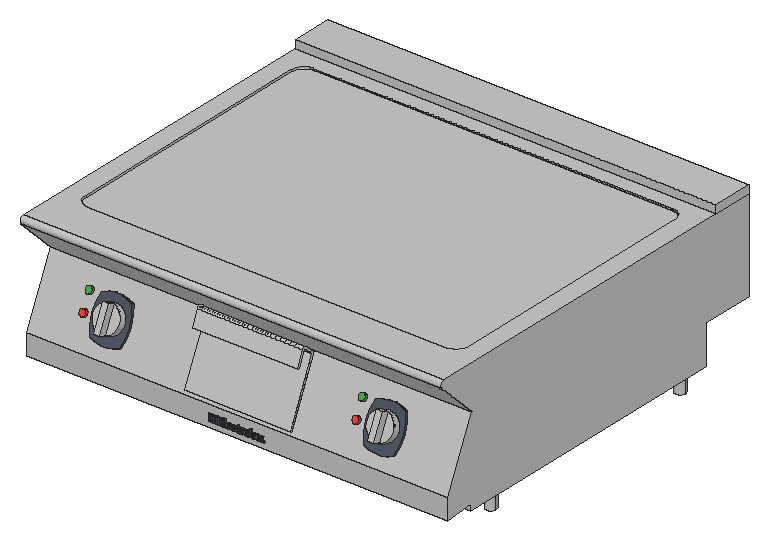
Revit family "QF_ELECTROLUXPROFESSIONAL_Professional_371322_E7IIKIAOMEA", category Specialty Equipment, Revit 2018
Family settings
  Round Connector Dimension = Use Diameter
  Part Type = Normal
  Work Plane-Based = No
  Always vertical = Yes
  Cut with Voids When Loaded = No
  Shared = No
  Room Calculation Point = No
Parameters
  Width = 800.1 mm  # constant formula
  Weight in Pounds = 185  # constant formula
  Watts = 7800 VA  # 7800 W
  Volts = 230 V  # constant formula
  URL Cutsheet = "www.electrolux.com/foodservice"
  URL = "www.electrolux.com/foodservice"
  Type Mark [instance] = ""
  Status [instance] = ""
  Specification by User [instance] = ""
  Specification by Manufacturer = ""
  Show Logo [instance] = yes
  Show Clearance [instance] = yes
  Serial Number = ""
  Seismic Rating = ""
  SMACNA No = ""
  Revision Code [instance] = ""
  Phase = 3  # constant formula
  Omniclass Number and Title = ""
  Number of Poles [instance] = 1
  NAFEM Spec ID Number = ""
  Model = "371199"
  Min Ckt Ampacity = 0 A
  Max Overcurrent Protection = 0 A
  Masterspec = ""
  Manufacturer = "ELECTROLUX"
  Item Number [instance] = ""
  Installed By [instance] = ""
  Identify Quantity as Lot [instance] = yes
  Height = 290.5 mm  # constant formula
  HP = "10.5 HP"
  Furnished By [instance] = ""
  Foodservice Equipment Identifier [instance] = yes
  FL Amps = if(Phase = 3, Watts / (Volts * 1.73), Watts / Volts)  # 19.6029 A
  Electrical Remarks [instance] = "230 V/3 ph/50/60 Hz"  # constant formula
  Electric Connection Type [instance] = ""
  Elec Conn RI Height [instance] = 0 mm
  Elec Conn Connection Height [instance] = 0 mm
  Direct Waste Size = 0"
  Description = "700XP Full Module Electricl Fry Top, Smooth Plate, Mild Steel - 230V"
  Depth = 730.25 mm  # constant formula
  Cycle [instance] = if([60 Hertz Option], 60 Hz, 50 Hz)  # 60 Hz
  Conn Plug = ""
  Conn Conduit = yes
  CSI MasterFormat = ""
  CSI Master Format = ""
  Base Height [instance] = 25.4 mm
  Apparent Power = if(Phase = 3, Volts * FL Amps * 1.73, Volts * FL Amps)  # 7800 VA
  60 Hertz Option [instance] = not([50 Hertz Option])  # yes
  50 Hertz Option [instance] = no
Reference planes
  plane 1 "BACK": y = 0
  plane 2: z = 0
  plane 3 "LEFT": x = 0
  plane 4 "RIGHT": x = 800.1
  plane 5 "FRONT": y = -730.25
  plane 6 "TOP": z = 290.5
  plane 7 "Center Y": x = 400.05
  plane 8 "Center X": y = -365.125
  plane 9 "BASE": z = 25.4
Forms (mm)
  Extrusion 1, solid, material "QF_Finishes_Clearance", visible <- "Show Clearance", detail levels coarse
    sketch origin (0, 0, 0) x (1, 0, 0) y (0, 1, 0)
      loop
        line (0, -730.25) -> (0, 0) -> (800.1, 0) -> (800.1, -730.25) -> (950.119, -730.25) -> (950.119, 150.019) -> (-150.019, 150.019) -> (-150.019, -730.25) -> (0, -730.25)
    from 0 to 290.5
  Extrusion 2, solid, material "QF_Finishes_Stainless Steel"
    sketch origin (0, 0, 0) x (0, 1, 0) y (0, 0, 1)
      loop
        line (0, 275.388) -> (-722.94, 275.388)
        arc (-722.94, 275.388) -> (-729.701, 270.87) -> (-728.114, 262.895) r 7.318
        line (-728.114, 262.895) -> (-657.676, 192.457) -> (-713.772, 70.59) -> (-713.772, 32.49) -> (-660.4, 38.1) -> (-660.4, 25.4) -> (-101.6, 25.4) -> (-101.6, 100.012) -> (0, 100.012) -> (0, 275.388)
    from 0 to 800.1
  Extrusion 3, void
    sketch origin (0, 0, 275.388) x (1, 0, 0) y (0, -1, 0)
      loop
        line (60.425, 104.885) -> (739.675, 104.885)
        arc (739.675, 104.885) -> (757.636, 112.324) -> (765.075, 130.285) r 25.4
        line (765.075, 130.285) -> (765.075, 619.485)
        arc (765.075, 619.485) -> (757.636, 637.445) -> (739.675, 644.885) r 25.4
        line (739.675, 644.885) -> (60.425, 644.885)
        arc (60.425, 644.885) -> (42.464, 637.445) -> (35.025, 619.485) r 25.4
        line (35.025, 619.485) -> (35.025, 130.285)
        arc (35.025, 130.285) -> (42.464, 112.324) -> (60.425, 104.885) r 25.4
    from 0 to 3.2
  Extrusion 4, solid, material "QF_Finishes_Stainless Steel"
    sketch origin (0, 0, 0) x (1, 0, 0) y (0, 1, 0)
      loop
        circle (11.112, -147.638) r 9.525
      loop
        circle (11.112, -597.884) r 9.525
      loop
        circle (788.987, -147.638) r 9.525
      loop
        circle (788.987, -597.884) r 9.525
    from 0 to 25.4
  Extrusion 5, solid, material "QF_Finishes_Stainless Steel"
    sketch origin (0, -101.6, 100.012) x (0, 0, -1) y (-1, 0, 0)
      loop
        circle (40.707, -749.3) r 12.7
    from 0 to 3.175
  Extrusion 6, solid, material "QF_Finishes_Stainless Steel"
    sketch origin (400.05, 175.397, 1219.2) x (0, 1, 0) y (0, 0, 1)
      loop
        line (-834.228, -1029.241) -> (-850.635, -1012.834)
        arc (-850.635, -1012.834) -> (-855.102, -1011.432) -> (-858.806, -1014.296) r 5.058
        line (-858.806, -1014.296) -> (-871.468, -1041.806) -> (-868.584, -1043.134) -> (-855.922, -1015.624)
        arc (-855.922, -1015.624) -> (-854.543, -1014.557) -> (-852.88, -1015.079) r 1.883
        line (-852.88, -1015.079) -> (-838.037, -1029.922) -> (-888.871, -1140.367) -> (-885.987, -1141.695) -> (-834.228, -1029.241)
    from 100 to -100
  Extrusion 7, solid, material "QF_Finishes_Drawer Clearance", visible <- "Show Clearance", detail levels coarse
    sketch origin (293.7, -101.6, 0) x (0, 1, 0) y (0, 0, 1)
      loop
        line (-660.751, 176.066) -> (-648.089, 203.576)
        arc (-648.089, 203.576) -> (-646.71, 204.643) -> (-645.046, 204.121) r 1.883
        line (-645.046, 204.121) -> (-630.204, 189.278) -> (-681.037, 78.833) -> (-678.153, 77.505) -> (-608.989, 77.505) -> (-557.231, 189.959) -> (-573.638, 206.366)
        arc (-573.638, 206.366) -> (-574.873, 207.273) -> (-576.323, 207.768) r 5.058
        line (-576.323, 207.768) -> (-647.269, 207.768)
        arc (-647.269, 207.768) -> (-649.472, 206.79) -> (-650.973, 204.904) r 5.058
        line (-650.973, 204.904) -> (-663.635, 177.394) -> (-660.751, 176.066)
    from 6.35 to 206.35
  Extrusion 8, solid, material "QF_Finishes_Navy Blue"
    sketch origin (0, -713.772, 70.59) x (0, 0.418137, 0.908384) y (-1, 0, 0)
      loop
        arc (100.548, -111.195) -> (65.254, -103.821) -> (29.891, -110.852) r 90.252
        arc (29.891, -110.852) -> (23.059, -139.635) -> (29.652, -168.474) r 65.19
        arc (29.652, -168.474) -> (65.166, -175.722) -> (100.621, -168.194) r 88.914
        arc (100.621, -168.194) -> (107.168, -139.686) -> (100.548, -111.195) r 64.978
    from 0 to 3.175
  Extrusion 9, solid, material "QF_Finishes_Stainless Steel"
    sketch origin (-21.25, -717.485, 70.116) x (0, 0.418137, 0.908384) y (-1, 0, 0)
      loop
        circle (68.826, -160.963) r 25.4
    from 0 to 12.7
  Extrusion 10, solid, material "QF_Finishes_Stainless Steel"
    sketch origin (-21.25, -729.022, 75.427) x (0, 0.418137, 0.908384) y (-1, 0, 0)
      loop
        arc (93.558, -166.749) -> (94.226, -160.963) -> (93.558, -155.177) r 25.4
        line (93.558, -155.177) -> (44.094, -155.177)
        arc (44.094, -155.177) -> (43.426, -160.963) -> (44.094, -166.749) r 25.4
        line (44.094, -166.749) -> (93.558, -166.749)
    from 0 to 12.7
  Extrusion 11, solid, material "QF_Finishes_Red"
    sketch origin (0, -713.772, 70.59) x (0, 0.418137, 0.908384) y (-1, 0, 0)
      loop
        circle (60.004, -87.788) r 6.35
    from 0 to 3.175
  Extrusion 12, solid, material "QF_Finishes_Red"
    sketch origin (0, -713.772, 70.59) x (0, 0.418137, 0.908384) y (-1, 0, 0)
      loop
        circle (60.004, -607.001) r 6.35
    from 0 to 3.175
  Extrusion 13, solid, material "QF_Finishes_Green"
    sketch origin (0, -713.772, 70.59) x (0, 0.418137, 0.908384) y (-1, 0, 0)
      loop
        circle (95.7, -87.788) r 6.35
    from 0 to 3.175
  Extrusion 14, solid, material "QF_Finishes_Green"
    sketch origin (0, -713.772, 70.59) x (0, 0.418137, 0.908384) y (-1, 0, 0)
      loop
        circle (95.7, -607.001) r 6.35
    from 0 to 3.175
  Extrusion 15, solid, material "QF_Finishes_Stainless Steel"
    sketch origin (0, 0, 0) x (0, 1, 0) y (0, 0, 1)
      loop
        line (0, 275.388) -> (0, 290.5) -> (-76.2, 290.5) -> (-76.2, 275.388) -> (0, 275.388)
    from 0 to 800.1
  Extrusion 16, solid, material "QF_Finishes_Stainless Steel"
    sketch origin (821.35, -717.485, 70.116) x (0, 0.418137, 0.908384) y (-1, 0, 0)
      loop
        circle (68.826, 160.963) r 25.4
    from 0 to 12.7
  Extrusion 17, solid, material "QF_Finishes_Stainless Steel"
    sketch origin (821.35, -729.022, 75.427) x (0, 0.418137, 0.908384) y (-1, 0, 0)
      loop
        line (93.558, 166.749) -> (44.094, 166.749)
        arc (44.094, 166.749) -> (43.426, 160.963) -> (44.094, 155.177) r 25.4
        line (44.094, 155.177) -> (93.558, 155.177)
        arc (93.558, 155.177) -> (94.226, 160.963) -> (93.558, 166.749) r 25.4
    from 0 to 12.7
  Extrusion 18, solid, material "QF_Finishes_Navy Blue"
    sketch origin (800.1, -713.772, 70.59) x (0, 0.418137, 0.908384) y (-1, 0, 0)
      loop
        arc (100.548, 111.2) -> (107.167, 139.689) -> (100.621, 168.194) r 64.977
        arc (100.621, 168.194) -> (65.165, 175.601) -> (29.652, 168.469) r 90.248
        arc (29.652, 168.469) -> (23.06, 139.633) -> (29.891, 110.852) r 65.189
        arc (29.891, 110.852) -> (65.255, 103.729) -> (100.548, 111.2) r 89.179
    from 0 to 3.175
  Extrusion 19, solid, material "QF_Finishes_Navy Blue", visible <- "Show Logo"
    sketch origin (58.349, -713.772, 35.665) x (0, 0, 1) y (-1, 0, 0)
      loop
        line (20.674, -296.698) -> (8.307, -296.698)
        arc (8.307, -296.698) -> (14.491, -301.27) -> (20.674, -296.698) r 6.467
      loop
        arc (20.674, -296.069) -> (19.505, -290.926) -> (14.849, -288.448) r 6.338
        line (14.849, -288.448) -> (14.849, -290.494)
        arc (14.849, -290.494) -> (16.333, -294.149) -> (19.778, -296.069) r 5.941
        line (19.778, -296.069) -> (20.674, -296.069)
      loop
        arc (9.203, -296.069) -> (12.648, -294.149) -> (14.132, -290.494) r 5.941
        line (14.132, -290.494) -> (14.132, -288.448)
        arc (14.132, -288.448) -> (9.438, -290.922) -> (8.148, -296.069) r 6.504
        line (8.148, -296.069) -> (9.203, -296.069)
      loop
        line (21.349, -287.979) -> (7.604, -287.979) -> (7.604, -301.742) -> (21.349, -301.742) -> (21.349, -287.979)
      loop
        arc (21.432, -304.71) -> (21.085, -304.352) -> (20.718, -304.69) r 0.358
        arc (20.718, -304.69) -> (20.404, -305.44) -> (19.687, -305.825) r 1.216
        line (19.687, -305.825) -> (9.274, -305.825)
        arc (9.274, -305.825) -> (8.614, -305.548) -> (8.218, -304.951) r 1.238
        arc (8.218, -304.951) -> (7.823, -304.7) -> (7.518, -305.054) r 0.358
        line (7.518, -305.054) -> (7.518, -314.933) -> (10.269, -314.933) -> (10.269, -314.036)
        arc (10.269, -314.036) -> (9.36, -313.456) -> (8.904, -312.479) r 1.928
        line (8.904, -312.479) -> (8.904, -309.98)
        arc (8.904, -309.98) -> (9.18, -309.251) -> (9.868, -308.887) r 1.101
        line (9.868, -308.887) -> (13.955, -308.887) -> (13.955, -312.561)
        arc (13.955, -312.561) -> (13.602, -313.058) -> (13.037, -313.286) r 1.083
        arc (13.037, -313.286) -> (12.773, -313.591) -> (13.065, -313.869) r 0.292
        line (13.065, -313.869) -> (16.028, -313.869)
        arc (16.028, -313.869) -> (16.33, -313.596) -> (16.092, -313.266) r 0.305
        arc (16.092, -313.266) -> (15.601, -313.018) -> (15.296, -312.561) r 1.083
        line (15.296, -312.561) -> (15.296, -308.887) -> (19.973, -308.887) -> (19.973, -312.635)
        arc (19.973, -312.635) -> (19.759, -313.39) -> (19.153, -313.888) r 1.314
        arc (19.153, -313.888) -> (18.934, -314.292) -> (19.288, -314.585) r 0.361
        line (19.288, -314.585) -> (21.432, -314.585) -> (21.432, -304.71)
      loop
        arc (20.715, -315.365) -> (20.335, -316.284) -> (19.416, -316.664) r 1.299
        line (19.416, -316.664) -> (9.837, -316.664)
        arc (9.837, -316.664) -> (8.999, -316.286) -> (8.728, -315.408) r 1.118
        line (8.728, -315.408) -> (7.518, -315.408) -> (7.518, -320.758) -> (8.706, -320.758)
        arc (8.706, -320.758) -> (8.978, -319.841) -> (9.848, -319.445) r 1.153
        line (9.848, -319.445) -> (21.92, -319.445) -> (20.715, -315.365)
      loop
        line (12.483, -323.394) -> (12.483, -329.842) -> (13.282, -329.842)
        arc (13.282, -329.842) -> (15.862, -328.857) -> (17.131, -326.404) r 3.874
        line (17.131, -326.404) -> (17.131, -324.643)
        arc (17.131, -324.643) -> (15.944, -321.778) -> (13.08, -320.592) r 4.051
        line (13.08, -320.592) -> (11.072, -320.592)
        arc (11.072, -320.592) -> (8.253, -322.077) -> (7.202, -325.084) r 4.352
        arc (7.202, -325.084) -> (7.566, -327.547) -> (8.943, -329.621) r 5.713
        line (8.943, -329.621) -> (9.892, -329.621)
        arc (9.892, -329.621) -> (9.16, -328.052) -> (8.943, -326.334) r 5.579
        arc (8.943, -326.334) -> (9.737, -324.371) -> (11.616, -323.394) r 3.057
        line (11.616, -323.394) -> (12.483, -323.394)
      loop
        line (13.742, -323.394) -> (13.742, -326.977)
        arc (13.742, -326.977) -> (15.199, -327.024) -> (16.082, -325.864) r 1.59
        line (16.082, -325.864) -> (16.082, -325.034)
        arc (16.082, -325.034) -> (15.217, -323.779) -> (13.742, -323.394) r 2.184
      loop
        arc (16.533, -339.259) -> (17.022, -337.585) -> (17.179, -335.848) r 9.023
        line (17.179, -335.848) -> (17.179, -334.486)
        arc (17.179, -334.486) -> (16.02, -331.686) -> (13.22, -330.527) r 3.959
        line (13.22, -330.527) -> (10.62, -330.527)
        arc (10.62, -330.527) -> (8.338, -331.819) -> (7.221, -334.192) r 4.331
        line (7.221, -334.192) -> (7.221, -336.327)
        arc (7.221, -336.327) -> (7.729, -337.877) -> (8.651, -339.223) r 5.772
        arc (8.651, -339.223) -> (9.412, -339.274) -> (9.499, -338.515) r 0.553
        arc (9.499, -338.515) -> (9.111, -337.781) -> (8.977, -336.962) r 2.573
        line (8.977, -336.962) -> (8.977, -335.447)
        arc (8.977, -335.447) -> (9.983, -333.806) -> (11.798, -333.163) r 2.884
        line (11.798, -333.163) -> (13.077, -333.163)
        arc (13.077, -333.163) -> (14.898, -333.723) -> (15.824, -335.388) r 2.554
        line (15.824, -335.388) -> (15.824, -336.441)
        arc (15.824, -336.441) -> (15.493, -337.369) -> (14.836, -338.104) r 2.564
        arc (14.836, -338.104) -> (14.614, -338.821) -> (15.223, -339.259) r 0.643
        line (15.223, -339.259) -> (16.533, -339.259)
      loop
        line (15.515, -339.53) -> (15.515, -341.031) -> (9.467, -341.031)
        arc (9.467, -341.031) -> (7.879, -341.688) -> (7.221, -343.276) r 2.246
        line (7.221, -343.276) -> (7.221, -344.86)
        arc (7.221, -344.86) -> (7.535, -345.725) -> (8.035, -346.496) r 4.06
        arc (8.035, -346.496) -> (8.768, -346.629) -> (9.019, -345.928) r 0.576
        arc (9.019, -345.928) -> (8.913, -345.403) -> (8.977, -344.87) r 1.69
        arc (8.977, -344.87) -> (9.519, -344.082) -> (10.425, -343.779) r 1.506
        line (10.425, -343.779) -> (15.563, -343.779) -> (15.563, -346.176) -> (16.119, -346.733) -> (16.941, -346.733) -> (16.941, -343.873) -> (20.172, -343.873) -> (15.515, -339.53)
      loop
        line (7.438, -347.63) -> (7.438, -353.017) -> (8.548, -353.017)
        arc (8.548, -353.017) -> (8.942, -352.066) -> (9.893, -351.672) r 1.345
        line (9.893, -351.672) -> (13.509, -351.672)
        arc (13.509, -351.672) -> (14.274, -352.264) -> (14.564, -353.186) r 1.615
        line (14.564, -353.186) -> (14.564, -354.742) -> (17.119, -355.427) -> (17.119, -354.044) -> (15.177, -351.485) -> (17.057, -351.485) -> (16.773, -348.779)
        arc (16.773, -348.779) -> (16.333, -348.249) -> (15.674, -348.45) r 0.621
        arc (15.674, -348.45) -> (15.274, -348.792) -> (14.78, -348.975) r 1.501
        line (14.78, -348.975) -> (9.893, -348.975)
        arc (9.893, -348.975) -> (8.942, -348.581) -> (8.548, -347.63) r 1.345
        line (8.548, -347.63) -> (7.438, -347.63)
      loop
        line (13.54, -354.964) -> (10.848, -354.964)
        arc (10.848, -354.964) -> (8.403, -356.272) -> (7.269, -358.803) r 4.288
        arc (7.269, -358.803) -> (7.205, -360.183) -> (7.269, -361.563) r 15.022
        arc (7.269, -361.563) -> (8.403, -364.094) -> (10.848, -365.401) r 4.288
        line (10.848, -365.401) -> (13.54, -365.401)
        arc (13.54, -365.401) -> (15.986, -364.094) -> (17.119, -361.563) r 4.288
        arc (17.119, -361.563) -> (17.183, -360.183) -> (17.119, -358.803) r 15.022
        arc (17.119, -358.803) -> (15.986, -356.272) -> (13.54, -354.964) r 4.288
      loop
        line (13.745, -358.078) -> (10.643, -358.078)
        arc (10.643, -358.078) -> (8.486, -360.235) -> (10.643, -362.392) r 2.157
        line (10.643, -362.392) -> (13.745, -362.392)
        arc (13.745, -362.392) -> (15.902, -360.235) -> (13.745, -358.078) r 2.157
      loop
        arc (20.726, -365.26) -> (20.355, -366.154) -> (19.461, -366.524) r 1.264
        line (19.461, -366.524) -> (9.597, -366.524)
        arc (9.597, -366.524) -> (8.727, -366.127) -> (8.455, -365.211) r 1.153
        line (8.455, -365.211) -> (7.518, -365.211) -> (7.518, -370.319) -> (8.446, -370.319)
        arc (8.446, -370.319) -> (8.805, -369.547) -> (9.597, -369.232) r 1.153
        line (9.597, -369.232) -> (21.92, -369.232) -> (20.726, -365.26)
      loop
        arc (15.846, -369.857) -> (15.647, -370.921) -> (14.678, -371.403) r 1.215
        line (14.678, -371.403) -> (9.658, -371.403)
        arc (9.658, -371.403) -> (8.043, -372.051) -> (7.322, -373.634) r 2.338
        line (7.322, -373.634) -> (7.322, -375.148)
        arc (7.322, -375.148) -> (7.497, -376.152) -> (7.999, -377.038) r 2.979
        line (7.999, -377.038) -> (7.518, -378.835) -> (7.518, -380.524) -> (16.943, -380.524) -> (16.649, -376.32) -> (15.863, -376.32)
        arc (15.863, -376.32) -> (15.507, -377.156) -> (14.755, -377.665) r 1.605
        line (14.755, -377.665) -> (9.652, -377.665)
        arc (9.652, -377.665) -> (9.232, -376.728) -> (9.159, -375.704) r 2.94
        arc (9.159, -375.704) -> (9.72, -374.603) -> (10.873, -374.16) r 1.724
        line (10.873, -374.16) -> (17.07, -374.16) -> (15.846, -369.857)
      loop
        line (16.874, -381.377) -> (15.202, -383.423) -> (12.028, -385.729) -> (8.572, -382.617)
        arc (8.572, -382.617) -> (8.335, -382.223) -> (8.357, -381.764) r 0.789
        line (8.357, -381.764) -> (7.518, -381.764) -> (7.518, -385.309) -> (8.344, -385.309)
        arc (8.344, -385.309) -> (8.686, -384.947) -> (9.176, -385.039) r 0.52
        line (9.176, -385.039) -> (10.976, -386.51) -> (8.858, -387.886)
        arc (8.858, -387.886) -> (8.457, -387.576) -> (8.37, -387.076) r 0.7
        line (8.37, -387.076) -> (7.518, -387.076) -> (7.518, -393.003) -> (8.405, -393.003)
        arc (8.405, -393.003) -> (8.472, -392.344) -> (8.866, -391.813) r 1.247
        line (8.866, -391.813) -> (13.066, -388.532) -> (15.513, -390.585) -> (16.874, -392.327) -> (16.874, -388.604) -> (15.389, -389.026) -> (13.868, -387.749) -> (15.568, -386.559) -> (16.874, -387.336) -> (16.874, -381.377)
    from 0 to 1.644
Cuts and joins
  Extrusion 3 cuts Extrusion 1
  Extrusion 3 cuts Extrusion 2
Lines and regions (mm)
  symbolic lines, style "QF-Clearances", visible <- "Show Clearance", detail levels coarse
    curve 1: line (-150.019, 150.019, 274.638) -> (-150.019, -730.25, 274.638)
    curve 2: line (950.119, 150.019, 274.638) -> (-150.019, 150.019, 274.638)
    curve 3: line (950.119, -730.25, 274.638) -> (950.119, 150.019, 274.638)
  symbolic lines
    curve 4: line (0, 0, 274.638) -> (800.1, 0, 274.638)
    curve 5: line (0, -730.25, 274.638) -> (0, 0, 274.638)
    curve 6: line (800.1, 0, 274.638) -> (800.1, -730.25, 274.638)
    curve 7: arc (35.025, -619.485, 274.638) -> (42.464, -637.445, 274.638) -> (60.425, -644.885, 274.638) r 25.4
    curve 8: arc (739.315, -644.885, 274.638) -> (757.836, -637.213, 274.638) -> (765.507, -618.692, 274.638) r 26.193
    curve 9: line (0, -76.2, 274.638) -> (800.1, -76.2, 274.638)
    curve 10: line (800.1, -730.25, 274.638) -> (0, -730.25, 274.638)
    curve 11: arc (64.125, -104.885, 274.638) -> (43.548, -113.408, 274.638) -> (35.025, -133.985, 274.638) r 29.1
    curve 12: arc (739.963, -104.885, 274.638) -> (758.026, -112.367, 274.638) -> (765.507, -130.429, 274.638) r 25.544
    curve 13: line (60.425, -644.885, 274.638) -> (739.315, -644.885, 274.638)
    curve 17: line (35.025, -133.985, 274.638) -> (35.025, -619.485, 274.638)
    curve 18: line (64.125, -104.885, 274.638) -> (739.963, -104.885, 274.638)
    curve 19: line (765.507, -130.429, 274.638) -> (765.507, -618.692, 274.638)
  symbolic lines, style "QF_Drawer Clearance", visible <- "Show Clearance", detail levels coarse
    curve 14: line (300.05, -782.637, 274.638) -> (500.05, -782.637, 274.638)
    curve 15: line (500.05, -782.637, 274.638) -> (500.05, -730.25, 274.638)
    curve 16: line (300.05, -782.637, 274.638) -> (300.05, -730.25, 274.638)
Dimensions and locks
  equal spacing: plane 3 "LEFT", plane 7 "Center Y", plane 4 "RIGHT"
  "Width": plane 3 "LEFT" to plane 4 "RIGHT"
  equal spacing: plane 5 "FRONT", plane 8 "Center X", plane 1 "BACK"
  "Depth": plane 5 "FRONT" to plane 1 "BACK"
  plane 1 "BACK" to plane 5 "FRONT" = 730.25 mm
  "Base Height": plane 9 "BASE" to level
  plane 9 "BASE" to level = 25.4 mm
  "Height": plane 6 "TOP" to level
  aligned and locked: level to plane 2
  aligned and locked: plane 6 "TOP" to Extrusion 1
  aligned and locked: plane 4 "RIGHT" to cut or joined group of Extrusion 2, Extrusion 3
  aligned and locked: plane 4 "RIGHT" to Extrusion 15
Automatic sketch dimensions
  plane 5 "FRONT" to Extrusion 1 sketch curve = 0 mm  (x2)
  plane 1 "BACK" to Extrusion 1 sketch curve = 0 mm
  Extrusion 1 sketch curve to plane 3 "LEFT" = 0 mm
  Extrusion 1 sketch curve to plane 4 "RIGHT" = 0 mm
  Extrusion 1 sketch curve to plane 3 "LEFT" = 150.019 mm
  plane 4 "RIGHT" to Extrusion 1 sketch curve = 150.019 mm
  Extrusion 1 sketch curve to plane 1 "BACK" = 150.019 mm
  Extrusion 2 sketch curve to plane 9 "BASE" = 0 mm
  Extrusion 2 sketch curve to plane 1 "BACK" = 0 mm
  plane 1 "BACK" to Extrusion 2 sketch curve = 101.6 mm
  Extrusion 2 sketch curve to plane 5 "FRONT" = 72.574 mm
  plane 9 "BASE" to Extrusion 2 sketch curve = 12.7 mm
  Extrusion 2 sketch curve to plane 5 "FRONT" = 69.85 mm
  Extrusion 2 sketch curve to plane 5 "FRONT" = 16.478 mm
  Extrusion 2 sketch curve to plane 5 "FRONT" = 7.31 mm
  Extrusion 2 sketch curve to plane 5 "FRONT" = 2.136 mm
  plane 9 "BASE" to Extrusion 2 sketch curve = 7.09 mm
  Extrusion 2 sketch curve to Extrusion 2 sketch curve = 38.1 mm
  plane 9 "BASE" to Extrusion 2 sketch curve = 74.612 mm
  Extrusion 2 sketch curve to plane 6 "TOP" = 98.043 mm
  Extrusion 2 sketch curve to plane 6 "TOP" = 27.605 mm
  Extrusion 2 sketch curve to Extrusion 2 sketch curve = 5.174 mm
  Extrusion 2 to Extrusion 3 sketch curve = 35.025 mm
  Extrusion 3 sketch curve to Extrusion 3 sketch curve = 25.4 mm  (x3)
  Extrusion 2 to Extrusion 3 sketch curve = 60.425 mm  (x2)
  Extrusion 2 to Extrusion 3 sketch curve = 78.055 mm
  Extrusion 2 to Extrusion 3 sketch curve = 130.285 mm
  plane 3 "LEFT" to Extrusion 4 sketch curve = 11.112 mm  (x2)
  Extrusion 4 sketch curve to plane 4 "RIGHT" = 11.113 mm  (x2)
  Extrusion 4 sketch curve to plane 5 "FRONT" = 132.366 mm  (x2)
  plane 1 "BACK" to Extrusion 4 sketch curve = 147.638 mm  (x2)
  Extrusion 2 to Extrusion 5 sketch curve = 33.906 mm
  Extrusion 2 to Extrusion 5 sketch curve = 50.8 mm
  Extrusion 6 sketch curve to Extrusion 6 sketch curve = 0 mm  (x2)
  Extrusion 6 sketch curve to plane 5 "FRONT" = 16.776 mm
  Extrusion 6 sketch curve to Extrusion 6 sketch curve = 2.884 mm  (x3)
  Extrusion 6 sketch curve to plane 5 "FRONT" = 34.179 mm
  Extrusion 6 sketch curve to Extrusion 6 sketch curve = 12.662 mm
  Extrusion 6 sketch curve to Extrusion 6 sketch curve = 1.711 mm
  Extrusion 6 sketch curve to Extrusion 6 sketch curve = 1.332 mm
  Extrusion 6 sketch curve to Extrusion 6 sketch curve = 2.245 mm
  Extrusion 6 sketch curve to Extrusion 6 sketch curve = 14.843 mm
  Extrusion 6 sketch curve to Extrusion 6 sketch curve = 3.809 mm
  plane 9 "BASE" to Extrusion 6 sketch curve = 52.105 mm
  Extrusion 6 sketch curve to Extrusion 6 sketch curve = 1.327 mm  (x2)
  Extrusion 6 sketch curve to Extrusion 6 sketch curve = 13.211 mm
  Extrusion 6 sketch curve to Extrusion 6 sketch curve = 0.787 mm
  Extrusion 7 sketch curve to Extrusion 7 sketch curve = 0 mm  (x2)
  plane 5 "FRONT" to Extrusion 7 sketch curve = 52.387 mm
  Extrusion 7 sketch curve to Extrusion 7 sketch curve = 2.884 mm  (x3)
  plane 5 "FRONT" to Extrusion 7 sketch curve = 34.985 mm
  plane 5 "FRONT" to Extrusion 7 sketch curve = 22.323 mm
  Extrusion 7 sketch curve to Extrusion 7 sketch curve = 0.82 mm
  Extrusion 7 sketch curve to Extrusion 7 sketch curve = 1.711 mm
  Extrusion 7 sketch curve to Extrusion 7 sketch curve = 1.332 mm
  plane 5 "FRONT" to Extrusion 7 sketch curve = 1.554 mm
  Extrusion 7 sketch curve to plane 5 "FRONT" = 19.661 mm
  Extrusion 7 sketch curve to plane 5 "FRONT" = 51.436 mm
  Extrusion 7 sketch curve to Extrusion 7 sketch curve = 0.891 mm
  Extrusion 7 sketch curve to Extrusion 7 sketch curve = 2.686 mm
  Extrusion 7 sketch curve to Extrusion 7 sketch curve = 16.406 mm
  plane 9 "BASE" to Extrusion 7 sketch curve = 52.105 mm
  Extrusion 7 sketch curve to Extrusion 7 sketch curve = 1.327 mm  (x2)
  Extrusion 7 sketch curve to Extrusion 7 sketch curve = 13.211 mm
  Extrusion 7 sketch curve to Extrusion 7 sketch curve = 0.681 mm
  Extrusion 7 sketch curve to Extrusion 7 sketch curve = 0.787 mm
  Extrusion 7 sketch curve to Extrusion 7 sketch curve = 4.979 mm
  Extrusion 8 sketch curve to Extrusion 2 = 29.652 mm
  Extrusion 8 sketch curve to Extrusion 2 = 29.891 mm
  Extrusion 8 sketch curve to Extrusion 8 sketch curve = 12.538 mm
  Extrusion 8 sketch curve to Extrusion 8 sketch curve = 35.163 mm
  Extrusion 8 sketch curve to Extrusion 8 sketch curve = 34.925 mm
  Extrusion 2 to Extrusion 8 sketch curve = 45.909 mm
  Extrusion 8 sketch curve to Extrusion 8 sketch curve = 12.3 mm
  Extrusion 8 sketch curve to Extrusion 8 sketch curve = 12.373 mm
  Extrusion 2 to Extrusion 8 sketch curve = 194.072 mm
  Extrusion 8 sketch curve to Extrusion 8 sketch curve = 25.598 mm
  Extrusion 8 sketch curve to Extrusion 8 sketch curve = 25.878 mm
  Extrusion 8 sketch curve to Extrusion 8 sketch curve = 28.289 mm
  Extrusion 10 sketch curve to Extrusion 10 sketch curve = 24.732 mm
  Extrusion 10 sketch curve to Extrusion 10 sketch curve = 0 mm
  Extrusion 11 sketch curve to Extrusion 2 = 60.004 mm
  Extrusion 2 to Extrusion 11 sketch curve = 87.788 mm
  Extrusion 12 sketch curve to Extrusion 2 = 60.004 mm
  Extrusion 2 to Extrusion 12 sketch curve = 193.099 mm
  Extrusion 2 to Extrusion 13 sketch curve = 38.458 mm
  Extrusion 2 to Extrusion 13 sketch curve = 87.788 mm
  Extrusion 2 to Extrusion 14 sketch curve = 38.458 mm
  Extrusion 2 to Extrusion 14 sketch curve = 193.099 mm
  Extrusion 15 sketch curve to plane 6 "TOP" = 0 mm
  Extrusion 15 sketch curve to plane 1 "BACK" = 0 mm
  plane 1 "BACK" to Extrusion 15 sketch curve = 76.2 mm
  Extrusion 15 sketch curve to plane 6 "TOP" = 15.112 mm
  Extrusion 17 sketch curve to Extrusion 17 sketch curve = 24.732 mm
  Extrusion 17 sketch curve to Extrusion 17 sketch curve = 0 mm
  Extrusion 18 sketch curve to Extrusion 2 = 29.652 mm
  Extrusion 18 sketch curve to Extrusion 2 = 29.891 mm
  Extrusion 18 sketch curve to Extrusion 18 sketch curve = 12.538 mm
  Extrusion 18 sketch curve to Extrusion 18 sketch curve = 35.163 mm
  Extrusion 18 sketch curve to Extrusion 18 sketch curve = 34.925 mm
  Extrusion 2 to Extrusion 18 sketch curve = 45.909 mm
  Extrusion 18 sketch curve to Extrusion 18 sketch curve = 12.3 mm
  Extrusion 18 sketch curve to Extrusion 18 sketch curve = 12.373 mm
  Extrusion 2 to Extrusion 18 sketch curve = 85.354 mm
  Extrusion 18 sketch curve to Extrusion 18 sketch curve = 25.498 mm
  Extrusion 18 sketch curve to Extrusion 18 sketch curve = 25.846 mm
  Extrusion 18 sketch curve to Extrusion 18 sketch curve = 28.921 mm
  plane 5 "FRONT" to curve 3 = 0 mm
  plane 1 "BACK" to curve 4 = 0 mm
  curve 4 to plane 4 "RIGHT" = 0 mm
  plane 5 "FRONT" to curve 15 = 0 mm
  curve 5 to plane 3 "LEFT" = 0 mm
  plane 5 "FRONT" to curve 1 = 0 mm
  plane 4 "RIGHT" to curve 3 = 150.019 mm
  curve 8 to plane 4 "RIGHT" = 34.593 mm
  curve 12 to curve 12 = 25.544 mm
  curve 19 to curve 8 = 26.193 mm
  plane 7 "Center Y" to curve 15 = 100 mm
  curve 16 to plane 7 "Center Y" = 100 mm
  plane 3 "LEFT" to curve 18 = 64.125 mm
  plane 3 "LEFT" to curve 13 = 60.425 mm
  curve 7 to curve 7 = 25.4 mm
  curve 1 to plane 3 "LEFT" = 150.019 mm
  curve 1 to plane 1 "BACK" = 150.019 mm
  plane 1 "BACK" to curve 9 = 76.2 mm
  curve 9 to curve 18 = 28.685 mm
  curve 19 to plane 5 "FRONT" = 111.558 mm
  plane 5 "FRONT" to curve 14 = 52.387 mm
  plane 9 "BASE" to Extrusion 19 sketch curve = 12.426 mm
  plane 9 "BASE" to Extrusion 19 sketch curve = 17.467 mm
  plane 7 "Center Y" to Extrusion 19 sketch curve = 3.159 mm
  Extrusion 19 sketch curve to Extrusion 19 sketch curve = 5.06 mm
  Extrusion 19 sketch curve to Extrusion 19 sketch curve = 0 mm  (x28)
  Extrusion 19 sketch curve to Extrusion 19 sketch curve = 5.108 mm  (x2)
  Extrusion 19 sketch curve to Extrusion 19 sketch curve = 0.054 mm
  Extrusion 19 sketch curve to Extrusion 19 sketch curve = 0.218 mm
  Extrusion 19 sketch curve to Extrusion 19 sketch curve = 0.195 mm
  Extrusion 19 sketch curve to Extrusion 19 sketch curve = 0.249 mm
  plane 9 "BASE" to Extrusion 19 sketch curve = 17.783 mm
  Extrusion 19 sketch curve to Extrusion 19 sketch curve = 0.087 mm
  Extrusion 19 sketch curve to Extrusion 19 sketch curve = 0.358 mm
  Extrusion 19 sketch curve to Extrusion 19 sketch curve = 0.481 mm
  Extrusion 19 sketch curve to Extrusion 19 sketch curve = 0.597 mm
  Extrusion 19 sketch curve to Extrusion 19 sketch curve = 0.544 mm
  Extrusion 19 sketch curve to Extrusion 19 sketch curve = 0.936 mm
  Extrusion 19 sketch curve to Extrusion 19 sketch curve = 0.594 mm
  Extrusion 19 sketch curve to Extrusion 19 sketch curve = 0.343 mm
  Extrusion 19 sketch curve to Extrusion 19 sketch curve = 0.159 mm
  Extrusion 19 sketch curve to Extrusion 19 sketch curve = 0.826 mm
  Extrusion 19 sketch curve to Extrusion 19 sketch curve = 0.839 mm
  Extrusion 19 sketch curve to Extrusion 19 sketch curve = 0.852 mm
  Extrusion 19 sketch curve to Extrusion 19 sketch curve = 0.887 mm
  Extrusion 19 sketch curve to Extrusion 19 sketch curve = 0.928 mm
  Extrusion 19 sketch curve to Extrusion 19 sketch curve = 0.938 mm
  Extrusion 19 sketch curve to Extrusion 19 sketch curve = 0.444 mm
  Extrusion 19 sketch curve to Extrusion 19 sketch curve = 1.11 mm  (x3)
  Extrusion 19 sketch curve to Extrusion 19 sketch curve = 0.215 mm
  Extrusion 19 sketch curve to Extrusion 19 sketch curve = 1.43 mm
  Extrusion 19 sketch curve to Extrusion 19 sketch curve = 1.188 mm
  Extrusion 19 sketch curve to Extrusion 19 sketch curve = 1.21 mm  (x2)
  Extrusion 19 sketch curve to Extrusion 19 sketch curve = 0.503 mm
  Extrusion 19 sketch curve to Extrusion 19 sketch curve = 0.488 mm
  Extrusion 19 sketch curve to Extrusion 19 sketch curve = 0.462 mm
  Extrusion 19 sketch curve to Extrusion 19 sketch curve = 1.386 mm
  Extrusion 19 sketch curve to Extrusion 19 sketch curve = 1.742 mm  (x2)
  Extrusion 19 sketch curve to Extrusion 19 sketch curve = 0.821 mm
  Extrusion 19 sketch curve to Extrusion 19 sketch curve = 0.497 mm
  Extrusion 19 sketch curve to Extrusion 19 sketch curve = 0.539 mm
  Extrusion 19 sketch curve to Extrusion 19 sketch curve = 0.686 mm
  Extrusion 19 sketch curve to Extrusion 19 sketch curve = 0.408 mm
  Extrusion 19 sketch curve to Extrusion 19 sketch curve = 0.743 mm
  Extrusion 19 sketch curve to Extrusion 19 sketch curve = 1.16 mm
  Extrusion 19 sketch curve to Extrusion 19 sketch curve = 0.329 mm
  Extrusion 19 sketch curve to Extrusion 19 sketch curve = 1.054 mm
  Extrusion 19 sketch curve to Extrusion 19 sketch curve = 1.056 mm
  Extrusion 19 sketch curve to Extrusion 19 sketch curve = 0.129 mm
  Extrusion 19 sketch curve to Extrusion 19 sketch curve = 0.489 mm
  Extrusion 19 sketch curve to Extrusion 19 sketch curve = 0.441 mm
  Extrusion 19 sketch curve to Extrusion 19 sketch curve = 1.151 mm
  Extrusion 19 sketch curve to Extrusion 19 sketch curve = 1.141 mm  (x2)
  Extrusion 19 sketch curve to Extrusion 19 sketch curve = 0.768 mm
  Extrusion 19 sketch curve to Extrusion 19 sketch curve = 1.653 mm
  Extrusion 19 sketch curve to Extrusion 19 sketch curve = 0.499 mm
  Extrusion 19 sketch curve to Extrusion 19 sketch curve = 0.964 mm
  Extrusion 19 sketch curve to Extrusion 19 sketch curve = 0.949 mm
  Extrusion 19 sketch curve to Extrusion 19 sketch curve = 1.345 mm  (x2)
  Extrusion 19 sketch curve to Extrusion 19 sketch curve = 1.101 mm
  Extrusion 19 sketch curve to Extrusion 19 sketch curve = 0.432 mm
  Extrusion 19 sketch curve to Extrusion 19 sketch curve = 1.142 mm
  Extrusion 19 sketch curve to Extrusion 19 sketch curve = 0.959 mm
  Extrusion 19 sketch curve to Extrusion 19 sketch curve = 0.176 mm
  Extrusion 19 sketch curve to Extrusion 19 sketch curve = 0.728 mm
  Extrusion 19 sketch curve to Extrusion 19 sketch curve = 3.375 mm  (x2)
  Extrusion 19 sketch curve to Extrusion 19 sketch curve = 0.541 mm
  Extrusion 19 sketch curve to Extrusion 19 sketch curve = 0.955 mm
  Extrusion 19 sketch curve to Extrusion 19 sketch curve = 1.251 mm
  Extrusion 19 sketch curve to Extrusion 19 sketch curve = 0.572 mm
  Extrusion 19 sketch curve to Extrusion 19 sketch curve = 1.92 mm
  Extrusion 19 sketch curve to Extrusion 19 sketch curve = 1.224 mm
  Extrusion 19 sketch curve to Extrusion 19 sketch curve = 0.745 mm
  Extrusion 19 sketch curve to Extrusion 19 sketch curve = 2.537 mm
  Extrusion 19 sketch curve to Extrusion 19 sketch curve = 0.896 mm  (x3)
  Extrusion 19 sketch curve to Extrusion 19 sketch curve = 0.036 mm
  Extrusion 19 sketch curve to Extrusion 19 sketch curve = 2.607 mm
  Extrusion 19 sketch curve to Extrusion 19 sketch curve = 0.066 mm
  Extrusion 19 sketch curve to Extrusion 19 sketch curve = 0.248 mm
  Extrusion 19 sketch curve to Extrusion 19 sketch curve = 0.449 mm
  Extrusion 19 sketch curve to Extrusion 19 sketch curve = 1.052 mm
  Extrusion 19 sketch curve to Extrusion 19 sketch curve = 1.863 mm
  Extrusion 19 sketch curve to Extrusion 19 sketch curve = 1.31 mm  (x2)
  Extrusion 19 sketch curve to Extrusion 19 sketch curve = 0.901 mm
  Extrusion 19 sketch curve to Extrusion 19 sketch curve = 1.107 mm
  Extrusion 19 sketch curve to Extrusion 19 sketch curve = 2.122 mm
  Extrusion 19 sketch curve to Extrusion 19 sketch curve = 2.101 mm
  Extrusion 19 sketch curve to Extrusion 19 sketch curve = 0.106 mm
  Extrusion 19 sketch curve to Extrusion 19 sketch curve = 0.029 mm
  Extrusion 19 sketch curve to Extrusion 19 sketch curve = 2.09 mm
  Extrusion 19 sketch curve to Extrusion 19 sketch curve = 1.279 mm
  Extrusion 19 sketch curve to Extrusion 19 sketch curve = 2.008 mm
  Extrusion 19 sketch curve to Extrusion 19 sketch curve = 0.738 mm
  Extrusion 19 sketch curve to Extrusion 19 sketch curve = 0.382 mm
  Extrusion 19 sketch curve to Extrusion 19 sketch curve = 0.384 mm
  Extrusion 19 sketch curve to Extrusion 19 sketch curve = 0.002 mm
  Extrusion 19 sketch curve to Extrusion 19 sketch curve = 0.561 mm
  Extrusion 19 sketch curve to Extrusion 19 sketch curve = 0.592 mm
  Extrusion 19 sketch curve to Extrusion 19 sketch curve = 2.692 mm
  Extrusion 19 sketch curve to Extrusion 19 sketch curve = 1.259 mm
  Extrusion 19 sketch curve to Extrusion 19 sketch curve = 0.802 mm
  Extrusion 19 sketch curve to Extrusion 19 sketch curve = 1.024 mm  (x2)
  Extrusion 19 sketch curve to Extrusion 19 sketch curve = 0.682 mm
  Extrusion 19 sketch curve to Extrusion 19 sketch curve = 5.934 mm
  Extrusion 19 sketch curve to Extrusion 19 sketch curve = 2.186 mm
  Extrusion 19 sketch curve to Extrusion 19 sketch curve = 0.337 mm
  Extrusion 19 sketch curve to Extrusion 19 sketch curve = 0.021 mm
  Extrusion 19 sketch curve to Extrusion 19 sketch curve = 1.005 mm
  Extrusion 19 sketch curve to Extrusion 19 sketch curve = 0.552 mm
  Extrusion 19 sketch curve to Extrusion 19 sketch curve = 0.778 mm
  Extrusion 19 sketch curve to Extrusion 19 sketch curve = 0.063 mm
  Extrusion 19 sketch curve to Extrusion 19 sketch curve = 1.023 mm
  Extrusion 19 sketch curve to Extrusion 19 sketch curve = 3.804 mm
  Extrusion 19 sketch curve to Extrusion 19 sketch curve = 0.486 mm
  Extrusion 19 sketch curve to Extrusion 19 sketch curve = 0.266 mm  (x2)
  Extrusion 19 sketch curve to Extrusion 19 sketch curve = 1.547 mm
  Extrusion 19 sketch curve to Extrusion 19 sketch curve = 0.717 mm  (x2)
  Extrusion 19 sketch curve to Extrusion 19 sketch curve = 1.667 mm
  Extrusion 19 sketch curve to Extrusion 19 sketch curve = 3.174 mm
  Extrusion 19 sketch curve to Extrusion 19 sketch curve = 0.388 mm
  Extrusion 19 sketch curve to Extrusion 19 sketch curve = 1.342 mm
  Extrusion 19 sketch curve to Extrusion 19 sketch curve = 1.521 mm
  Extrusion 19 sketch curve to Extrusion 19 sketch curve = 0.124 mm
  Extrusion 19 sketch curve to Extrusion 19 sketch curve = 0.291 mm
  plane 7 "Center Y" to Extrusion 19 sketch curve = 4.475 mm
  Extrusion 19 sketch curve to Extrusion 19 sketch curve = 1.049 mm  (x2)
  Extrusion 19 sketch curve to Extrusion 19 sketch curve = 1.7 mm
  Extrusion 19 sketch curve to Extrusion 19 sketch curve = 0.894 mm
  Extrusion 19 sketch curve to Extrusion 19 sketch curve = 0.989 mm
  Extrusion 19 sketch curve to Extrusion 19 sketch curve = 1.168 mm
  Extrusion 19 sketch curve to Extrusion 19 sketch curve = 1.594 mm
  Extrusion 19 sketch curve to Extrusion 19 sketch curve = 0.731 mm
  Extrusion 19 sketch curve to Extrusion 19 sketch curve = 1.566 mm
  Extrusion 19 sketch curve to Extrusion 19 sketch curve = 0.064 mm
  plane 7 "Center Y" to Extrusion 19 sketch curve = 5.031 mm
  Extrusion 19 sketch curve to Extrusion 19 sketch curve = 0.556 mm  (x2)
  Extrusion 19 sketch curve to Extrusion 19 sketch curve = 0.48 mm
  Extrusion 19 sketch curve to Extrusion 19 sketch curve = 1.018 mm
  Extrusion 19 sketch curve to Extrusion 19 sketch curve = 0.787 mm
  Extrusion 19 sketch curve to Extrusion 19 sketch curve = 0.618 mm
  Extrusion 19 sketch curve to Extrusion 19 sketch curve = 1.672 mm
  Extrusion 19 sketch curve to Extrusion 19 sketch curve = 1.361 mm
  Extrusion 19 sketch curve to Extrusion 19 sketch curve = 0.822 mm
  Extrusion 19 sketch curve to Extrusion 19 sketch curve = 0.069 mm
  Extrusion 19 sketch curve to Extrusion 19 sketch curve = 1.88 mm
  Extrusion 19 sketch curve to Extrusion 19 sketch curve = 0.42 mm
  Extrusion 19 sketch curve to Extrusion 19 sketch curve = 0.062 mm
  Extrusion 19 sketch curve to Extrusion 19 sketch curve = 1.355 mm
  Extrusion 19 sketch curve to Extrusion 19 sketch curve = 2.34 mm
  Extrusion 19 sketch curve to Extrusion 19 sketch curve = 0.493 mm
  Extrusion 19 sketch curve to Extrusion 19 sketch curve = 0.136 mm
  Extrusion 19 sketch curve to Extrusion 19 sketch curve = 0.128 mm
  Extrusion 19 sketch curve to Extrusion 19 sketch curve = 3.616 mm
  Extrusion 19 sketch curve to Extrusion 19 sketch curve = 4.207 mm
  Extrusion 19 sketch curve to Extrusion 19 sketch curve = 0.183 mm
  Extrusion 19 sketch curve to Extrusion 19 sketch curve = 0.895 mm
  Extrusion 19 sketch curve to Extrusion 19 sketch curve = 1.314 mm
  Extrusion 19 sketch curve to Extrusion 19 sketch curve = 3.231 mm
  Extrusion 19 sketch curve to Extrusion 19 sketch curve = 1.299 mm
  Extrusion 19 sketch curve to Extrusion 19 sketch curve = 1.214 mm
  Extrusion 19 sketch curve to Extrusion 19 sketch curve = 1.264 mm
  Extrusion 19 sketch curve to Extrusion 19 sketch curve = 0.109 mm
  Extrusion 19 sketch curve to Extrusion 19 sketch curve = 0.357 mm
  Extrusion 19 sketch curve to Extrusion 19 sketch curve = 0.565 mm
  Extrusion 19 sketch curve to Extrusion 19 sketch curve = 2.504 mm
  Extrusion 19 sketch curve to Extrusion 19 sketch curve = 2.459 mm
  Extrusion 19 sketch curve to Extrusion 19 sketch curve = 1.322 mm
  Extrusion 19 sketch curve to Extrusion 19 sketch curve = 2.77 mm
  Extrusion 19 sketch curve to Extrusion 19 sketch curve = 2.51 mm
  Extrusion 19 sketch curve to Extrusion 19 sketch curve = 0.187 mm
  Extrusion 19 sketch curve to Extrusion 19 sketch curve = 2.559 mm
  Extrusion 19 sketch curve to Extrusion 19 sketch curve = 1.556 mm
  Extrusion 19 sketch curve to Extrusion 19 sketch curve = 0.222 mm
  Extrusion 19 sketch curve to Extrusion 19 sketch curve = 1.383 mm
  Extrusion 19 sketch curve to Extrusion 19 sketch curve = 3.114 mm
  Extrusion 19 sketch curve to Extrusion 19 sketch curve = 3.376 mm
  Extrusion 19 sketch curve to Extrusion 19 sketch curve = 0.934 mm
  Extrusion 19 sketch curve to Extrusion 19 sketch curve = 0.191 mm
  Extrusion 19 sketch curve to Extrusion 19 sketch curve = 3.696 mm
  Extrusion 19 sketch curve to Extrusion 19 sketch curve = 2.708 mm
  Extrusion 19 sketch curve to Extrusion 19 sketch curve = 3.333 mm
  Extrusion 19 sketch curve to Extrusion 19 sketch curve = 0.332 mm
  Extrusion 19 sketch curve to Extrusion 19 sketch curve = 1.087 mm
  Extrusion 19 sketch curve to Extrusion 19 sketch curve = 2.23 mm
  Extrusion 19 sketch curve to Extrusion 19 sketch curve = 2.757 mm
  Extrusion 19 sketch curve to Extrusion 19 sketch curve = 0.987 mm
  Extrusion 19 sketch curve to Extrusion 19 sketch curve = 1.529 mm
  Extrusion 19 sketch curve to Extrusion 19 sketch curve = 1.796 mm
  Extrusion 19 sketch curve to Extrusion 19 sketch curve = 2.859 mm
  Extrusion 19 sketch curve to Extrusion 19 sketch curve = 0.853 mm
  Extrusion 19 sketch curve to Extrusion 19 sketch curve = 1.241 mm
  Extrusion 19 sketch curve to Extrusion 19 sketch curve = 2.046 mm  (x2)
  Extrusion 19 sketch curve to Extrusion 19 sketch curve = 2.422 mm
  Extrusion 19 sketch curve to Extrusion 19 sketch curve = 0.27 mm  (x2)
  Extrusion 19 sketch curve to Extrusion 19 sketch curve = 0.69 mm
  Extrusion 19 sketch curve to Extrusion 19 sketch curve = 0.781 mm  (x2)
  Extrusion 19 sketch curve to Extrusion 19 sketch curve = 3.136 mm
  Extrusion 19 sketch curve to Extrusion 19 sketch curve = 1.767 mm
  Extrusion 19 sketch curve to Extrusion 19 sketch curve = 0.138 mm
  Extrusion 19 sketch curve to Extrusion 19 sketch curve = 0.777 mm
  Extrusion 19 sketch curve to Extrusion 19 sketch curve = 1.19 mm
  Extrusion 19 sketch curve to Extrusion 19 sketch curve = 0.782 mm
  Extrusion 19 sketch curve to Extrusion 19 sketch curve = 1.268 mm
  Extrusion 19 sketch curve to Extrusion 19 sketch curve = 0.422 mm  (x2)
  Extrusion 19 sketch curve to Extrusion 19 sketch curve = 1.559 mm
  Extrusion 19 sketch curve to Extrusion 19 sketch curve = 3.927 mm
  Extrusion 19 sketch curve to Extrusion 19 sketch curve = 0.983 mm
  Extrusion 19 sketch curve to Extrusion 19 sketch curve = 1.134 mm
  Extrusion 19 sketch curve to Extrusion 19 sketch curve = 0.094 mm
  plane 7 "Center Y" to Extrusion 19 sketch curve = 1.575 mm
  Extrusion 19 sketch curve to Extrusion 19 sketch curve = 1.501 mm
  Extrusion 19 sketch curve to Extrusion 19 sketch curve = 1.808 mm
  Extrusion 19 sketch curve to Extrusion 19 sketch curve = 0.643 mm
  Extrusion 19 sketch curve to Extrusion 19 sketch curve = 0.916 mm
  Extrusion 19 sketch curve to Extrusion 19 sketch curve = 0.352 mm
  Extrusion 19 sketch curve to Extrusion 19 sketch curve = 0.458 mm
  Extrusion 19 sketch curve to Extrusion 19 sketch curve = 1.282 mm
  Extrusion 19 sketch curve to Extrusion 19 sketch curve = 1.363 mm
  Extrusion 19 sketch curve to Extrusion 19 sketch curve = 0.685 mm
  Extrusion 19 sketch curve to Extrusion 19 sketch curve = 0.905 mm
  Extrusion 19 sketch curve to Extrusion 19 sketch curve = 2.865 mm
  Extrusion 19 sketch curve to Extrusion 19 sketch curve = 0.472 mm
  Extrusion 19 sketch curve to Extrusion 19 sketch curve = 0.101 mm
  Extrusion 19 sketch curve to Extrusion 19 sketch curve = 0.54 mm
  Extrusion 19 sketch curve to Extrusion 19 sketch curve = 0.02 mm
  Extrusion 19 sketch curve to Extrusion 19 sketch curve = 0.468 mm
  Extrusion 19 sketch curve to Extrusion 19 sketch curve = 0.829 mm
  Extrusion 19 sketch curve to Extrusion 19 sketch curve = 0.582 mm
  Extrusion 19 sketch curve to Extrusion 19 sketch curve = 0.166 mm
  Extrusion 19 sketch curve to Extrusion 19 sketch curve = 0.16 mm
  Extrusion 19 sketch curve to Extrusion 19 sketch curve = 2.781 mm
  Extrusion 19 sketch curve to Extrusion 19 sketch curve = 1.118 mm
  Extrusion 19 sketch curve to Extrusion 19 sketch curve = 0.613 mm
  Extrusion 19 sketch curve to Extrusion 19 sketch curve = 0.361 mm
  Extrusion 19 sketch curve to Extrusion 19 sketch curve = 0.897 mm
  Extrusion 19 sketch curve to Extrusion 19 sketch curve = 0.167 mm
  Extrusion 19 sketch curve to Extrusion 19 sketch curve = 0.292 mm
  Extrusion 19 sketch curve to Extrusion 19 sketch curve = 0.305 mm
  Extrusion 19 sketch curve to Extrusion 19 sketch curve = 1.557 mm
  Extrusion 19 sketch curve to Extrusion 19 sketch curve = 2.499 mm
  Extrusion 19 sketch curve to Extrusion 19 sketch curve = 3.062 mm
  Extrusion 19 sketch curve to Extrusion 19 sketch curve = 2.968 mm
  Extrusion 19 sketch curve to Extrusion 19 sketch curve = 5.044 mm
  Extrusion 19 sketch curve to Extrusion 19 sketch curve = 0.629 mm  (x2)
  Extrusion 19 sketch curve to Extrusion 19 sketch curve = 1.131 mm
  Extrusion 19 sketch curve to Extrusion 19 sketch curve = 0.137 mm
  Extrusion 19 sketch curve to Extrusion 19 sketch curve = 0.027 mm
  Extrusion 19 sketch curve to Extrusion 19 sketch curve = 2.235 mm
  radius of Extrusion 4 sketch curve = 9.525 mm  (x4)
  radius of Extrusion 5 sketch curve = 12.7 mm
  radius of Extrusion 9 sketch curve = 25.4 mm
  radius of Extrusion 10 sketch curve to Extrusion 9 = 0 mm  (x2)
  radius of Extrusion 11 sketch curve = 6.35 mm
  radius of Extrusion 12 sketch curve = 6.35 mm
  radius of Extrusion 13 sketch curve = 6.35 mm
  radius of Extrusion 14 sketch curve = 6.35 mm
  radius of Extrusion 16 sketch curve = 25.4 mm
  radius of Extrusion 17 sketch curve to Extrusion 16 = 0 mm  (x2)
Connectors
  electrical at (749.3, -98.425, 59.306), driven by "Volts", driven by "Watts"
    settings: on Extrusion 5, index 1, voltage 230 V, apparent load 7800 VA, apparent load phase1 0 VA, apparent load phase2 0 VA, apparent load phase3 0 VA, power factor 1, load classification "Other", number of poles 1, system type 30, power factor state 1, is connector primary yes, connector utility no, sub classification motor no, connector description "Electrical Connection"
